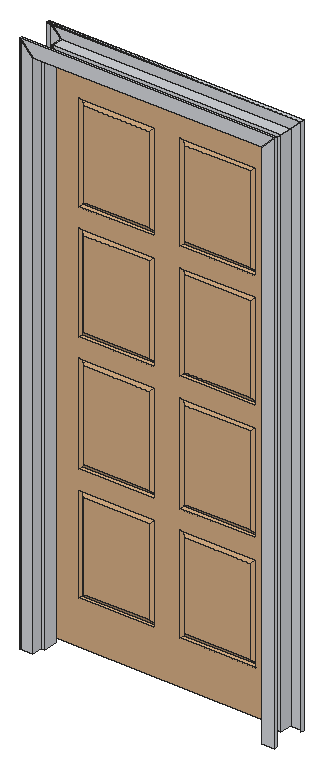
Revit family "Ext-Embossed-Door-WDMF-8-Panel-36 x 84", category Doors, host Wall, Revit 2014
Parameters (values of type "Ext-E-WDMF-8-Panel-36" x 84"")
  Width = Door Panel Width  # 3' - 0"
  Wall Thickness [instance] = 0' - 5 3/4"
  URL = ""
  Type Comments = "EXT,"
  Thickness = 0' - 1 3/4"
  Swing Angle [instance] = 90.00°
  SDI RO Spacing = 0' - 0"
  SDI Panel 1 Width = Leaf Width + 0' 0 3/16"  # 3' - 0"
  SDI No Panels = ""
  SDI HW Set [instance] = ""
  SDI HW Item LO-2 [instance] = ""
  SDI HW Item LO-1 [instance] = ""
  SDI HW Item KP-2 [instance] = ""
  SDI HW Item KP-1 [instance] = ""
  SDI HW Item HI-2 [instance] = ""
  SDI HW Item HI-1 [instance] = ""
  SDI HW Item HC-2 [instance] = ""
  SDI HW Item HC-1 [instance] = ""
  SDI HW Item ED-2 [instance] = ""
  SDI HW Item ED-1 [instance] = ""
  SDI HW Item DO-2 [instance] = ""
  SDI HW Item DO-1 [instance] = ""
  SDI HW Item CL-2 [instance] = ""
  SDI HW Item CL-1 [instance] = ""
  SDI Glass Material = Glass
  SDI Frame Type = "3 Piece"
  SDI Frame Material Type = "Hollow Metal"
  SDI Frame Material = Paint - Generic - Prime
  SDI Frame Manufacturer = ""
  SDI Frame Jamb Width = 0' - 2"
  SDI Frame Head Width = 0' - 2"
  SDI Frame Finish Type = "Painted"
  SDI Frame Finish Color = "Prime"
  SDI Frame Depth [instance] = 0' - 5 3/4"
  SDI Family Version = "1.0"
  SDI Door Top Rail Width = 0' - 7 3/4"
  SDI Door Stile Width = 0' - 6"
  SDI Door Panel Type = "N"
  SDI Door Material Type = "Hollow Metal"
  SDI Door Material = Stain - SRO - Red Oak 100 Clear
  SDI Door Manufacturer = ""
  SDI Door Glass Type = "1/4\" Tempered"
  SDI Door Finish Type = "Painted"
  SDI Door Finish Color = "Prime"
  SDI Door Configuration = "SG"
  SDI Door Bottom Rail Width = 5' - 0"
  SDI Arch Frame Type [instance] = ""
  SDI Arch Frame Material Type [instance] = "HM"
  SDI Arch Door Panel Type [instance] = "N"
  SDI Arch Door Material Type [instance] = "HM"
  Rough Width = Frame Width - 0' 0" + 2 * SDI RO Spacing  # 3' - 4"
  Rough Height = Frame Height - 0' 0" + SDI RO Spacing  # 7' - 2"
  R1 Height = 7' - 0"
  P1 Width = 3' - 2"
  Model = "Ext-E-WDMF-8-Panel-36\" x 84\""
  Manufacturer = ""
  Leaf Width = P1 Width - 0' 2 3/16"  # 2' - 11 13/16"
  Height = Door Panel Height  # 7' - 0"
  Glass Offset [instance] = 0' 2 1/16" + (SDI Frame Depth - 0' 5 3/4") / 2  # 0' - 2 1/16"
  Function = Exterior
  Frame Width = P1 Width + 0' 2"  # 3' - 4"
  Frame Offset [instance] = if(Aligned Exterior, SDI Frame Depth / 2, if(Aligned Center, Wall Thickness / 2, if(Aligned Interior, Wall Thickness - SDI Frame Depth + SDI Frame Depth / 2, Aligned Other)))  # 0' - 2 7/8"
  Frame Height = R1 Height + 0' 2"  # 7' - 2"
  Fire Rating = ""
  Exterior Glazing [instance] = no
  Door Panel Width = P1 Width - 0' 2"  # 3' - 0"
  Door Panel Height = R1 Height + 0' 2" - (0' 2")  # 7' - 0"
  Door Offset [instance] = 0' 2 13/16" + (SDI Frame Depth - 0' 5 3/4") / 2  # 0' - 2 13/16"
  Description = "Wood Door with Hollow Metal Frame 8 Panel"
  Cost = 0
  Assembly Code = "B2030120"
  Analytic Construction = "<None>"
  Aligned Other [instance] = 0' - 0"
  Aligned Interior [instance] = no
  Aligned Exterior [instance] = yes
  Aligned Center [instance] = no
  ADA Clearance Lines = no
Reference planes (in)
  plane 1: y = 0
  plane 2 "Center (Left/Right)": x = 0
  plane 3 "Wall Edge": y = 2.875
  plane 4 "Wall Interior": y = -2.875
  plane 5 "ModelRefLevel": z = 0
  plane 6 "FrameDepthPlane": y = 0
  plane 7 "FrameFront": y = 2.875
  plane 8 "FrameBack": y = -2.875
  plane 9 "V0": x = 19
  plane 10 "V1": x = -19
  plane 11 "H0": z = 1
  plane 12 "H1": z = 85
  plane 13 "DoorLeft": x = 18
  plane 14 "DoorRight": x = -18
  plane 15 "DoorCenter": x = 0
  plane 16 "DoorTop": z = 83.875
  plane 17 "DoorCenterTB": z = 41.9375
  plane 18 "DoorExtFace": y = 2.8125
  plane 19 "DoorGlassFace": y = 2.0625
  plane 20 "LockCenterLine": z = 32.5625
  plane 21 "DoorExtFace1": y = 2.0625
  plane 22 "GlassRight1": x = -11.90625
  plane 23 "ActDoorLeft": x = 17.90625
  plane 24 "SwingClrPlane": y = 62.875
  plane 25 "SwingPartialPlane": y = 50.875
  plane 26: x = -7.90625
  plane 27: x = -11.90625
  plane 28: z = 76.125
  plane 29: z = 51.125
  plane 30: z = 78
  plane 31: z = 39
  plane 32: x = 13.90625
  plane 33: x = -13.90625
  plane 34: x = 2
  plane 35: x = -2
  plane 36: z = 7.5
  plane 37: z = 59.725
  plane 38: z = 41.35
  plane 39: z = 22.725
  plane 40: z = 62.725
  plane 41: z = 44.35
  plane 42: z = 25.725
  plane 43: z = 60.375
  plane 44: z = 42.75
  plane 45: z = 25.125
Forms (in)
  Extrusion 1, solid
    sketch origin (138.6875, 0, 43) x (-1, 0, 0) y (0, -1, 0)
      loop
        line (118.6875, -2.375) -> (118.6875, -2.875) -> (120.6875, -2.875) -> (120.6875, -0.9375) -> (121.3125, -0.9375) -> (121.3125, 1.3125) -> (120.6875, 1.3125) -> (120.6875, 2.875) -> (118.6875, 2.875) -> (118.6875, 2.4375) -> (118.75, 2.4375) -> (118.75, 2.8125) -> (120.625, 2.8125) -> (120.625, 1.25) -> (121.25, 1.25) -> (121.25, -0.875) -> (120.625, -0.875) -> (120.625, -2.8125) -> (118.75, -2.8125) -> (118.75, -2.375) -> (118.6875, -2.375)
    from -43 to 43
  Extrusion 2, void
    sketch origin (0, 2.875, 0) x (1, 0, 0) y (0, 0, 1)
      loop
        line (20, 86) -> (17.375, 86) -> (17.375, 83.375) -> (20, 86)
    from -12 to 12
  Extrusion 3, solid
    sketch origin (101.3125, 0, 43) x (-1, 0, 0) y (0, -1, 0)
      loop
        line (121.25, -2.375) -> (121.25, -2.8125) -> (119.375, -2.8125) -> (119.375, -0.875) -> (118.75, -0.875) -> (118.75, 1.25) -> (119.375, 1.25) -> (119.375, 2.8125) -> (121.25, 2.8125) -> (121.25, 2.4375) -> (121.3125, 2.4375) -> (121.3125, 2.875) -> (119.3125, 2.875) -> (119.3125, 1.3125) -> (118.6875, 1.3125) -> (118.6875, -0.9375) -> (119.3125, -0.9375) -> (119.3125, -2.875) -> (121.3125, -2.875) -> (121.3125, -2.375) -> (121.25, -2.375)
    from -43 to 43
  Extrusion 4, void
    sketch origin (0, 2.875, 0) x (1, 0, 0) y (0, 0, 1)
      loop
        line (-20, 86) -> (-17.375, 83.375) -> (-17.375, 86) -> (-20, 86)
    from -12 to 12
  Extrusion 5, solid
    sketch origin (0, 0, 84.6875) x (0, 1, 0) y (0, 0, 1)
      loop
        line (2.375, 1.25) -> (2.8125, 1.25) -> (2.8125, -0.625) -> (0.875, -0.625) -> (0.875, -1.25) -> (-1.25, -1.25) -> (-1.25, -0.625) -> (-2.8125, -0.625) -> (-2.8125, 1.25) -> (-2.4375, 1.25) -> (-2.4375, 1.3125) -> (-2.875, 1.3125) -> (-2.875, -0.6875) -> (-1.3125, -0.6875) -> (-1.3125, -1.3125) -> (0.9375, -1.3125) -> (0.9375, -0.6875) -> (2.875, -0.6875) -> (2.875, 1.3125) -> (2.375, 1.3125) -> (2.375, 1.25)
    from -20 to 20
  Extrusion 6, void
    sketch origin (0, 2.875, 0) x (1, 0, 0) y (0, 0, 1)
      loop
        line (-20, 86) -> (-20, 83.375) -> (-17.375, 83.375) -> (-20, 86)
    from -12 to 12
  Extrusion 7, void
    sketch origin (0, 2.875, 0) x (1, 0, 0) y (0, 0, 1)
      loop
        line (20, 86) -> (17.375, 83.375) -> (20, 83.375) -> (20, 86)
    from -12 to 12
  Extrusion 8, solid, material "Stain - SRO - Red Oak 100 Clear" <- "SDI Door Material"
    sketch origin (-60, 2.8125, -12) x (1, 0, 0) y (0, 0, 1)
      loop
        line (77.90625, 12.625) -> (77.90625, 95.875) -> (42.09375, 95.875) -> (42.09375, 12.625) -> (77.90625, 12.625)
    from 0 to 1.75
  Sweep 9, void
    path origin (0, 2.875, 0) x (1, 0, 0) y (0, 0, 1)
      loop
        line (13.90625, 59.725) -> (2, 59.725) -> (2, 44.35) -> (13.90625, 44.35) -> (13.90625, 59.725)
    profile origin (13.90625, 2.875, 52.0375) x (0, -1, 0) y (1, 0, 0)
      loop
        line (0, 0) -> (0, -0.92134) -> (0.5, -0.23315) -> (0, 0)
      loop
        line (1.875, 0) -> (1.375, -0.23315) -> (1.875, -0.92134) -> (1.875, 0)
  Sweep 10, void
    path origin (0, 2.875, 0) x (1, 0, 0) y (0, 0, 1)
      loop
        line (13.90625, 22.725) -> (2, 22.725) -> (2, 7.5) -> (13.90625, 7.5) -> (13.90625, 22.725)
    profile origin (13.90625, 2.875, 15.1125) x (0, -1, 0) y (1, 0, 0)
      loop
        line (0, 0) -> (0, -0.92134) -> (0.5, -0.23315) -> (0, 0)
      loop
        line (1.875, 0) -> (1.375, -0.23315) -> (1.875, -0.92134) -> (1.875, 0)
  Sweep 11, void
    path origin (0, 2.875, 0) x (1, 0, 0) y (0, 0, 1)
      loop
        line (-2, 59.725) -> (-13.90625, 59.725) -> (-13.90625, 44.35) -> (-2, 44.35) -> (-2, 59.725)
    profile origin (-2, 2.875, 52.0375) x (0, -1, 0) y (1, 0, 0)
      loop
        line (0.0625, -0.80529) -> (0.5, -0.20312) -> (0.0625, -0.00088) -> (0.0625, -0.80529)
      loop
        line (1.8143, -0.80529) -> (1.8143, -0.00088) -> (1.3768, -0.20312) -> (1.8143, -0.80529)
  Sweep 12, void
    path origin (0, 2.875, 0) x (1, 0, 0) y (0, 0, 1)
      loop
        line (-2, 22.725) -> (-13.90625, 22.725) -> (-13.90625, 7.5) -> (-2, 7.5) -> (-2, 22.725)
    profile origin (-2, 2.875, 15.1125) x (0, -1, 0) y (1, 0, 0)
      loop
        line (0.0625, -0.00088) -> (0.0625, -0.80529) -> (0.5, -0.20312) -> (0.0625, -0.00088)
      loop
        line (1.8143, -0.00088) -> (1.3768, -0.20312) -> (1.8143, -0.80529) -> (1.8143, -0.00088)
  Sweep 13, void
    path origin (0, 2.875, 0) x (1, 0, 0) y (0, 0, 1)
      loop
        line (13.90625, 41.35) -> (2, 41.35) -> (2, 25.725) -> (13.90625, 25.725) -> (13.90625, 41.35)
    profile origin (13.90625, 2.875, 33.5375) x (0, -1, 0) y (1, 0, 0)
      loop
        line (0.0625, -0.02914) -> (0.0625, -0.83532) -> (0.5, -0.23315) -> (0.0625, -0.02914)
      loop
        line (1.8125, -0.02914) -> (1.375, -0.23315) -> (1.8125, -0.83532) -> (1.8125, -0.02914)
  Sweep 14, void
    path origin (0, 2.875, 0) x (1, 0, 0) y (0, 0, 1)
      loop
        line (-2, 41.35) -> (-13.90625, 41.35) -> (-13.90625, 25.725) -> (-2, 25.725) -> (-2, 41.35)
    profile origin (-2, 2.875, 33.5375) x (0, -1, 0) y (1, 0, 0)
      loop
        line (0.5, -0.20313) -> (0.0625, -0.00088) -> (0.0625, -0.80529) -> (0.5, -0.20313)
      loop
        line (1.8125, -0.80529) -> (1.8125, -0.00172) -> (1.37545, -0.20375) -> (1.8125, -0.80529)
  Sweep 15, void
    path origin (0, 2.875, 0) x (1, 0, 0) y (0, 0, 1)
      loop
        line (13.90625, 78) -> (2, 78) -> (2, 62.725) -> (13.90625, 62.725) -> (13.90625, 78)
    profile origin (13.90625, 2.875, 70.3625) x (0, -1, 0) y (1, 0, 0)
      loop
        line (0.5, -0.23315) -> (0.0625, -0.02914) -> (0.0625, -0.83532) -> (0.5, -0.23315)
      loop
        line (1.375, -0.23315) -> (1.8125, -0.83532) -> (1.8125, -0.02914) -> (1.375, -0.23315)
  Sweep 16, void
    path origin (0, 2.875, 0) x (1, 0, 0) y (0, 0, 1)
      loop
        line (-2, 78) -> (-13.90625, 78) -> (-13.90625, 62.725) -> (-2, 62.725) -> (-2, 78)
    profile origin (-2, 2.875, 70.3625) x (0, -1, 0) y (1, 0, 0)
      loop
        line (0.5, -0.20313) -> (0.0625, -0.00088) -> (0.0625, -0.80529) -> (0.5, -0.20313)
      loop
        line (1.37545, -0.20375) -> (1.8125, -0.80529) -> (1.8125, -0.00172) -> (1.37545, -0.20375)
Cuts and joins
  Extrusion 2 cuts Extrusion 1
  Extrusion 4 cuts Extrusion 3
  Extrusion 6, Extrusion 7 cuts Extrusion 5
  Sweep 9, Sweep 10, Sweep 11, Sweep 12, Sweep 13, Sweep 14, Sweep 15, Sweep 16 cuts Extrusion 8
Lines and regions (in)
  Opening 1
    outline origin (-60, -2.875, 0) x (1, 0, 0) y (0, 0, 1)
      loop
        line (80, 0) -> (80, 86) -> (40, 86) -> (40, 0) -> (80, 0)
  symbolic lines, style "DoorsFrameMullionProjection", detail levels fine
    curve 1: line (20, 2.375, 0) -> (20, 2.875, 0)
    curve 2: line (20, 2.875, 0) -> (18, 2.875, 0)
    curve 3: line (18, 2.875, 0) -> (18, 0.9375, 0)
    curve 4: line (18, 0.9375, 0) -> (17.375, 0.9375, 0)
    curve 5: line (17.375, 0.9375, 0) -> (17.375, -1.3125, 0)
    curve 6: line (17.375, -1.3125, 0) -> (18, -1.3125, 0)
    curve 7: line (18, -1.3125, 0) -> (18, -2.875, 0)
    curve 8: line (18, -2.875, 0) -> (20, -2.875, 0)
    curve 9: line (20, -2.875, 0) -> (20, -2.4375, 0)
    curve 10: line (20, -2.4375, 0) -> (19.9375, -2.4375, 0)
    curve 11: line (19.9375, -2.4375, 0) -> (19.9375, -2.8125, 0)
    curve 12: line (19.9375, -2.8125, 0) -> (18.0625, -2.8125, 0)
    curve 13: line (18.0625, -2.8125, 0) -> (18.0625, -1.25, 0)
    curve 14: line (18.0625, -1.25, 0) -> (17.4375, -1.25, 0)
    curve 15: line (17.4375, -1.25, 0) -> (17.4375, 0.875, 0)
    curve 16: line (17.4375, 0.875, 0) -> (18.0625, 0.875, 0)
    curve 17: line (18.0625, 0.875, 0) -> (18.0625, 2.8125, 0)
    curve 18: line (18.0625, 2.8125, 0) -> (19.9375, 2.8125, 0)
    curve 19: line (19.9375, 2.8125, 0) -> (19.9375, 2.375, 0)
    curve 20: line (19.9375, 2.375, 0) -> (20, 2.375, 0)
    curve 25: line (-19.9375, 2.375, 0) -> (-19.9375, 2.8125, 0)
    curve 26: line (-19.9375, 2.8125, 0) -> (-18.0625, 2.8125, 0)
    curve 27: line (-18.0625, 2.8125, 0) -> (-18.0625, 0.875, 0)
    curve 28: line (-18.0625, 0.875, 0) -> (-17.4375, 0.875, 0)
    curve 29: line (-17.4375, 0.875, 0) -> (-17.4375, -1.25, 0)
    curve 30: line (-17.4375, -1.25, 0) -> (-18.0625, -1.25, 0)
    curve 31: line (-18.0625, -1.25, 0) -> (-18.0625, -2.8125, 0)
    curve 32: line (-18.0625, -2.8125, 0) -> (-19.9375, -2.8125, 0)
    curve 33: line (-19.9375, -2.8125, 0) -> (-19.9375, -2.4375, 0)
    curve 34: line (-19.9375, -2.4375, 0) -> (-20, -2.4375, 0)
    curve 35: line (-20, -2.4375, 0) -> (-20, -2.875, 0)
    curve 36: line (-20, -2.875, 0) -> (-18, -2.875, 0)
    curve 37: line (-18, -2.875, 0) -> (-18, -1.3125, 0)
    curve 38: line (-18, -1.3125, 0) -> (-17.375, -1.3125, 0)
    curve 39: line (-17.375, -1.3125, 0) -> (-17.375, 0.9375, 0)
    curve 40: line (-17.375, 0.9375, 0) -> (-18, 0.9375, 0)
    curve 41: line (-18, 0.9375, 0) -> (-18, 2.875, 0)
    curve 42: line (-18, 2.875, 0) -> (-20, 2.875, 0)
    curve 43: line (-20, 2.875, 0) -> (-20, 2.375, 0)
    curve 44: line (-20, 2.375, 0) -> (-19.9375, 2.375, 0)
  symbolic lines, style "DoorsFrameMullionProjection", detail levels coarse+medium
    curve 21: line (18, -2.875, 0) -> (20, -2.875, 0)
    curve 22: line (18, 2.875, 0) -> (20, 2.875, 0)
    curve 23: line (18, -2.875, 0) -> (18, 2.875, 0)
    curve 24: line (20, -2.875, 0) -> (20, 2.875, 0)
    curve 45: line (-20, -2.875, 0) -> (-18, -2.875, 0)
    curve 46: line (-20, 2.875, 0) -> (-18, 2.875, 0)
    curve 47: line (-20, -2.875, 0) -> (-20, 2.875, 0)
    curve 48: line (-18, -2.875, 0) -> (-18, 2.875, 0)
  symbolic lines, style "Elevation Swing"
    curve 49: line (-17.90625, 2.875, 83.875) -> (17.90625, 2.875, 41.9375)
    curve 50: line (-17.90625, 2.875, 0) -> (17.90625, 2.875, 41.9375)
  symbolic lines, style "ADA Clearance", visible <- "ADA Clearance Lines"
    curve 51: line (20, 2.875, 0) -> (20, 62.875, 0)
    curve 52: line (-36, 62.875, 0) -> (20, 62.875, 0)
    curve 53: line (-36, 50.875, 0) -> (20, 50.875, 0)
    curve 54: line (-36, 2.875, 0) -> (-36, 62.875, 0)
    curve 55: line (20, -2.875, 0) -> (20, -50.875, 0)
    curve 56: line (-30, -50.875, 0) -> (20, -50.875, 0)
    curve 57: line (-30, -2.875, 0) -> (-30, -50.875, 0)
Text (in)
  text "Placement Side" at (0, 40.15149, 123.01588), in view "Right"
  text "Placement Side" at (-70.3804, 28.46503, 0), in view "Ref. Level"
  text "Placement Side" at (0, 81.62555, 140.59947), in view "Left"
Dimensions and locks (in)
  locked: plane 3 "Wall Edge" to host wall
  equal spacing: host wall, plane 2 "Center (Left/Right)", host wall
  "Rough Width": host wall to host wall
  "Rough Height": level to host wall
  equal spacing: plane 3 "Wall Edge", plane 1, plane 4 "Wall Interior"
  "Wall Thickness": host wall to host wall
  "Frame Offset": plane 3 "Wall Edge" to plane 6 "FrameDepthPlane"
  equal spacing: plane 7 "FrameFront", plane 6 "FrameDepthPlane", plane 8 "FrameBack"
  "SDI Frame Depth": plane 7 "FrameFront" to plane 8 "FrameBack"
  equal spacing: plane 9 "V0", plane 2 "Center (Left/Right)", plane 10 "V1"
  "P1 Width": plane 9 "V0" to plane 10 "V1"
  "R1 Height": plane 11 "H0" to plane 12 "H1"
  locked: plane 12 "H1" to Extrusion 1 at 1
  locked: plane 11 "H0" to Extrusion 1 at 1
  locked: plane 9 "V0" to Extrusion 1 at 1  (x4)
  locked: plane 9 "V0" to Extrusion 1 at 0.9375  (x5)
  locked: plane 9 "V0" to Extrusion 1 at 1.5625
  locked: plane 9 "V0" to Extrusion 1 at 1.625
  locked: plane 12 "H1" to Extrusion 3 at 1
  locked: plane 11 "H0" to Extrusion 3 at 1
  locked: plane 10 "V1" to Extrusion 3 at 0.9375  (x4)
  locked: plane 10 "V1" to Extrusion 3 at 1  (x5)
  locked: plane 10 "V1" to Extrusion 3 at 1.625
  locked: plane 10 "V1" to Extrusion 3 at 1.5625
  locked: plane 9 "V0" to Extrusion 5 at 1
  locked: plane 10 "V1" to Extrusion 5 at 1
  locked: plane 12 "H1" to Extrusion 5 at 0.9375  (x5)
  locked: plane 12 "H1" to Extrusion 5 at 1.5625
  locked: plane 12 "H1" to Extrusion 5 at 1  (x4)
  locked: plane 12 "H1" to Extrusion 5 at 1.625
  locked: plane 7 "FrameFront" to cut or joined group of Extrusion 1, Extrusion 2 at 1.9375
  locked: plane 7 "FrameFront" to cut or joined group of Extrusion 1, Extrusion 2 at 2
  locked: plane 7 "FrameFront" to cut or joined group of Extrusion 1, Extrusion 2 at 0.0625
  locked: plane 7 "FrameFront" to cut or joined group of Extrusion 1, Extrusion 2 at 0.5
  locked: plane 8 "FrameBack" to cut or joined group of Extrusion 1, Extrusion 2 at 1.5625
  locked: plane 8 "FrameBack" to cut or joined group of Extrusion 1, Extrusion 2 at 0.4375
  locked: plane 8 "FrameBack" to cut or joined group of Extrusion 1, Extrusion 2 at 0.0625
  locked: plane 8 "FrameBack" to cut or joined group of Extrusion 1, Extrusion 2 at 1.625
  locked: plane 7 "FrameFront" to cut or joined group of Extrusion 3, Extrusion 4 at 0.0625
  locked: plane 7 "FrameFront" to cut or joined group of Extrusion 3, Extrusion 4 at 2
  locked: plane 7 "FrameFront" to cut or joined group of Extrusion 3, Extrusion 4 at 1.9375
  locked: plane 7 "FrameFront" to cut or joined group of Extrusion 3, Extrusion 4 at 0.5
  locked: plane 8 "FrameBack" to cut or joined group of Extrusion 3, Extrusion 4 at 1.625
  locked: plane 8 "FrameBack" to cut or joined group of Extrusion 3, Extrusion 4 at 0.0625
  locked: plane 8 "FrameBack" to cut or joined group of Extrusion 3, Extrusion 4 at 0.4375
  locked: plane 8 "FrameBack" to cut or joined group of Extrusion 3, Extrusion 4 at 1.5625
  locked: plane 7 "FrameFront" to cut or joined group of Extrusion 5, Extrusion 6, Extrusion 7 at 0.0625
  locked: plane 7 "FrameFront" to cut or joined group of Extrusion 5, Extrusion 6, Extrusion 7 at 2
  locked: plane 7 "FrameFront" to cut or joined group of Extrusion 5, Extrusion 6, Extrusion 7 at 1.9375
  locked: plane 7 "FrameFront" to cut or joined group of Extrusion 5, Extrusion 6, Extrusion 7 at 0.5
  locked: plane 8 "FrameBack" to cut or joined group of Extrusion 5, Extrusion 6, Extrusion 7 at 1.625
  locked: plane 8 "FrameBack" to cut or joined group of Extrusion 5, Extrusion 6, Extrusion 7 at 0.0625
  locked: plane 8 "FrameBack" to cut or joined group of Extrusion 5, Extrusion 6, Extrusion 7 at 0.4375
  locked: plane 8 "FrameBack" to cut or joined group of Extrusion 5, Extrusion 6, Extrusion 7 at 1.5625
  locked: plane 7 "FrameFront" to curve 4 at 1.9375
  locked: plane 7 "FrameFront" to curve 16 at 2
  locked: plane 7 "FrameFront" to curve 18 at 0.0625
  locked: plane 7 "FrameFront" to curve 20 at 0.5
  locked: plane 7 "FrameFront" to curve 26 at 0.0625
  locked: plane 7 "FrameFront" to curve 28 at 2
  locked: plane 7 "FrameFront" to curve 40 at 1.9375
  locked: plane 7 "FrameFront" to curve 44 at 0.5
  locked: plane 8 "FrameBack" to curve 6 at 1.5625
  locked: plane 8 "FrameBack" to curve 10 at 0.4375
  locked: plane 8 "FrameBack" to curve 12 at 0.0625
  locked: plane 8 "FrameBack" to curve 14 at 1.625
  locked: plane 8 "FrameBack" to curve 30 at 1.625
  locked: plane 8 "FrameBack" to curve 32 at 0.0625
  locked: plane 8 "FrameBack" to curve 34 at 0.4375
  locked: plane 8 "FrameBack" to curve 38 at 1.5625
  locked: plane 9 "V0" to plane 13 "DoorLeft" at 1
  locked: plane 10 "V1" to plane 14 "DoorRight" at 1
  locked: plane 12 "H1" to plane 16 "DoorTop" at 1.125
  equal spacing: plane 16 "DoorTop", plane 17 "DoorCenterTB", plane 5 "ModelRefLevel"
  "Door Offset": plane 6 "FrameDepthPlane" to plane 18 "DoorExtFace"
  "Glass Offset": plane 6 "FrameDepthPlane" to plane 19 "DoorGlassFace"
  plane 20 "LockCenterLine" to plane 5 "ModelRefLevel" = 2' - 8 9/16"
  locked: Extrusion 8 to Extrusion 8 at 1.75
  locked: plane 6 "FrameDepthPlane" to plane 21 "DoorExtFace1" at 2.0625
  locked: plane 14 "DoorRight" to plane 22 "GlassRight1" at 6.09375
  locked: plane 13 "DoorLeft" to Extrusion 8 at 0.09375
  locked: plane 14 "DoorRight" to Extrusion 8 at 0.09375
  locked: plane 5 "ModelRefLevel" to Extrusion 8 at 0.625
  locked: plane 13 "DoorLeft" to plane 23 "ActDoorLeft" at 0.09375
  locked: plane 3 "Wall Edge" to plane 24 "SwingClrPlane" at 60
  locked: plane 3 "Wall Edge" to plane 25 "SwingPartialPlane" at 48
  locked: plane 27 to plane 14 "DoorRight" at 6.09375
  plane 26 to plane 27 = 0' - 4"
  locked: plane 29 to plane 28 at 25
  locked: plane 28 to plane 12 "H1" at 8.875
  locked: plane 30 to plane 12 "H1" at 7
  locked: plane 23 "ActDoorLeft" to plane 32 at 4
  locked: plane 33 to plane 14 "DoorRight" at 4.09375
  locked: plane 15 "DoorCenter" to plane 34 at 2
  locked: plane 15 "DoorCenter" to plane 35 at 2
  locked: plane 11 "H0" to plane 36 at 6.5
  locked: plane 37 to plane 40 at 3
  locked: plane 38 to plane 41 at 3
  locked: plane 39 to plane 42 at 3
  equal spacing: plane 36, plane 45, plane 44, plane 43, plane 30
  locked: plane 37 to plane 43 at 0.65
  locked: plane 38 to plane 44 at 1.4
  locked: plane 39 to plane 45 at 2.4
  aligned and locked: plane 4 "Wall Interior" to host wall
  aligned and locked: cut or joined group of Extrusion 1, Extrusion 2 to plane 7 "FrameFront"
  aligned and locked: plane 8 "FrameBack" to cut or joined group of Extrusion 1, Extrusion 2
  aligned and locked: cut or joined group of Extrusion 3, Extrusion 4 to plane 7 "FrameFront"
  aligned and locked: plane 8 "FrameBack" to cut or joined group of Extrusion 3, Extrusion 4
  aligned and locked: cut or joined group of Extrusion 5, Extrusion 6, Extrusion 7 to plane 7 "FrameFront"
  aligned and locked: plane 8 "FrameBack" to cut or joined group of Extrusion 5, Extrusion 6, Extrusion 7
  aligned and locked: curve 2 to plane 7 "FrameFront"
  aligned and locked: plane 7 "FrameFront" to curve 22
  aligned and locked: curve 42 to plane 7 "FrameFront"
  aligned and locked: plane 7 "FrameFront" to curve 46
  aligned and locked: plane 8 "FrameBack" to curve 8
  aligned and locked: plane 8 "FrameBack" to curve 36
  aligned and locked: Extrusion 8 to plane 18 "DoorExtFace"
  aligned and locked: Extrusion 8 to plane 16 "DoorTop"
  aligned and locked: plane 7 "FrameFront" to nested 1
  aligned and locked: plane 23 "ActDoorLeft" to nested 1
  aligned and locked: plane 24 "SwingClrPlane" to curve 52
  aligned and locked: plane 25 "SwingPartialPlane" to curve 53
  aligned and locked: Sweep 9 sketch curve to plane 32
  aligned and locked: Sweep 10 sketch curve to plane 32
  aligned and locked: Sweep 9 sketch curve to plane 34
  aligned and locked: Sweep 10 sketch curve to plane 34
  aligned and locked: plane 35 to Sweep 11 sketch curve
  aligned and locked: plane 33 to Sweep 11 sketch curve
  aligned and locked: plane 35 to Sweep 12 sketch curve
  aligned and locked: plane 33 to Sweep 12 sketch curve
  aligned and locked: plane 32 to Sweep 13 sketch curve
  aligned and locked: plane 34 to Sweep 13 sketch curve
  aligned and locked: plane 35 to Sweep 14 sketch curve
  aligned and locked: plane 33 to Sweep 14 sketch curve
  aligned and locked: Sweep 10 sketch curve to plane 39
  aligned and locked: Sweep 12 sketch curve to plane 39
  aligned and locked: Sweep 13 sketch curve to plane 42
  aligned and locked: Sweep 13 sketch curve to plane 38
  aligned and locked: Sweep 14 sketch curve to plane 42
  aligned and locked: Sweep 14 sketch curve to plane 38
  aligned and locked: Sweep 9 sketch curve to plane 41
  aligned and locked: Sweep 9 sketch curve to plane 37
  aligned and locked: Sweep 11 sketch curve to plane 41
  aligned and locked: Sweep 11 sketch curve to plane 37
  aligned and locked: plane 32 to Sweep 15 sketch curve
  aligned and locked: plane 34 to Sweep 15 sketch curve
  aligned and locked: plane 30 to Sweep 15 sketch curve
  aligned and locked: plane 40 to Sweep 15 sketch curve
  aligned and locked: plane 35 to Sweep 16 sketch curve
  aligned and locked: plane 33 to Sweep 16 sketch curve
  aligned and locked: plane 30 to Sweep 16 sketch curve
  aligned and locked: plane 40 to Sweep 16 sketch curve
  aligned and locked: Sweep 10 sketch curve to plane 36
  aligned and locked: Sweep 12 sketch curve to plane 36
Automatic sketch dimensions
  Opening 1 sketch curve to level = 0' - 0"
  Opening 1 sketch curve to plane 2 "Center (Left/Right)" = 1' - 8"
  plane 2 "Center (Left/Right)" to Opening 1 sketch curve = 1' - 8"
  level to Opening 1 sketch curve = 7' - 2"
  Extrusion 2 sketch curve to plane 9 "V0" = 0' - 1 5/8"
  plane 9 "V0" to Extrusion 2 sketch curve = 0' - 1"
  plane 12 "H1" to Extrusion 2 sketch curve = 0' - 1 5/8"
  Extrusion 2 sketch curve to plane 12 "H1" = 0' - 1"
  Extrusion 1 sketch curve to host wall = 0' - 0"
  host wall to Extrusion 1 sketch curve = 0' - 0"
  Extrusion 1 sketch curve to host wall = 0' - 0 1/2"
  plane 2 "Center (Left/Right)" to Extrusion 1 sketch curve = 1' - 8"  (x2)
  Extrusion 1 sketch curve to host wall = 0' - 0 7/16"
  Extrusion 1 sketch curve to Extrusion 1 sketch curve = 0' - 0 1/16"  (x7)
  plane 2 "Center (Left/Right)" to Extrusion 1 sketch curve = 1' - 6 1/16"  (x2)
  Extrusion 1 sketch curve to host wall = 0' - 0 1/16"  (x2)
  Extrusion 1 sketch curve to Extrusion 1 sketch curve = 0' - 0 9/16"
  Extrusion 1 sketch curve to host wall = 0' - 0 15/16"
  host wall to Extrusion 1 sketch curve = 0' - 1 1/4"
  plane 9 "V0" to curve 1 = 0' - 1"
  curve 6 to curve 5 = 0' - 0 5/8"
  curve 7 to plane 9 "V0" = 0' - 1"
  curve 9 to curve 10 = 0' - 0 1/16"
  curve 12 to curve 7 = 0' - 0 1/16"
  curve 14 to curve 5 = 0' - 0 1/16"
  curve 16 to curve 3 = 0' - 0 1/16"
  curve 1 to curve 18 = 0' - 0 1/16"
  Extrusion 4 sketch curve to plane 10 "V1" = 0' - 1"
  plane 10 "V1" to Extrusion 4 sketch curve = 0' - 1 5/8"
  plane 12 "H1" to Extrusion 4 sketch curve = 0' - 1 5/8"
  Extrusion 4 sketch curve to plane 12 "H1" = 0' - 1"
  host wall to Extrusion 3 sketch curve = 0' - 0"
  Extrusion 3 sketch curve to host wall = 0' - 0"
  Extrusion 3 sketch curve to plane 2 "Center (Left/Right)" = 1' - 5 3/8"
  Extrusion 3 sketch curve to Extrusion 3 sketch curve = 0' - 0 1/16"  (x7)
  Extrusion 3 sketch curve to Extrusion 3 sketch curve = 0' - 0 9/16"  (x2)
  Extrusion 3 sketch curve to host wall = 0' - 0 7/16"
  Extrusion 3 sketch curve to plane 2 "Center (Left/Right)" = 1' - 7 15/16"  (x2)
  Extrusion 3 sketch curve to host wall = 0' - 0 1/2"
  Extrusion 3 sketch curve to host wall = 0' - 0 1/16"  (x2)
  Extrusion 3 sketch curve to host wall = 0' - 0 15/16"
  host wall to Extrusion 3 sketch curve = 0' - 1 1/4"
  plane 10 "V1" to curve 26 = 0' - 0 15/16"
  curve 29 to curve 30 = 0' - 0 5/8"
  curve 32 to plane 10 "V1" = 0' - 0 15/16"
  curve 33 to curve 34 = 0' - 0 1/16"
  curve 36 to curve 31 = 0' - 0 1/16"
  curve 38 to curve 29 = 0' - 0 1/16"
  curve 40 to curve 27 = 0' - 0 1/16"
  curve 25 to curve 42 = 0' - 0 1/16"
  Extrusion 6 sketch curve to plane 10 "V1" = 0' - 1"
  plane 10 "V1" to Extrusion 6 sketch curve = 0' - 1 5/8"
  plane 12 "H1" to Extrusion 6 sketch curve = 0' - 1 5/8"
  Extrusion 6 sketch curve to plane 12 "H1" = 0' - 1"
  Extrusion 7 sketch curve to plane 9 "V0" = 0' - 1 5/8"
  plane 9 "V0" to Extrusion 7 sketch curve = 0' - 1"
  plane 12 "H1" to Extrusion 7 sketch curve = 0' - 1 5/8"
  Extrusion 7 sketch curve to plane 12 "H1" = 0' - 1"
  Extrusion 5 sketch curve to host wall = 0' - 0"  (x2)
  Extrusion 5 sketch curve to host wall = 0' - 0 1/16"  (x2)
  Extrusion 5 sketch curve to Extrusion 5 sketch curve = 0' - 0 3/8"
  host wall to Extrusion 5 sketch curve = 0' - 1 5/16"
  Extrusion 5 sketch curve to Extrusion 5 sketch curve = 0' - 0 1/16"  (x7)
  Extrusion 5 sketch curve to host wall = 0' - 0 7/8"
  Extrusion 5 sketch curve to host wall = 0' - 0 1/2"
  level to Extrusion 5 sketch curve = 6' - 11 3/8"
  Extrusion 5 sketch curve to Extrusion 5 sketch curve = 0' - 0 9/16"  (x2)
  Extrusion 5 sketch curve to plane 11 "H0" = 7' - 0 15/16"  (x2)
  Extrusion 8 sketch curve to plane 16 "DoorTop" = 0' - 0"
  plane 14 "DoorRight" to Extrusion 8 sketch curve = 0' - 0 3/32"
  Extrusion 8 sketch curve to plane 13 "DoorLeft" = 0' - 0 3/32"
  plane 11 "H0" to Extrusion 8 sketch curve = 0' - 0 3/8"
  curve 49 to plane 16 "DoorTop" = 0' - 0"
  curve 49 to plane 17 "DoorCenterTB" = 0' - 0"
  plane 14 "DoorRight" to curve 49 = 0' - 0 3/32"
  curve 50 to level = 0' - 0"
  curve 50 to plane 23 "ActDoorLeft" = 0' - 0"
  plane 14 "DoorRight" to curve 50 = 0' - 0 3/32"
  curve 51 to host wall = 0' - 0"
  plane 9 "V0" to curve 51 = 0' - 1"
  curve 54 to host wall = 0' - 0"
  host wall to curve 55 = 0' - 0"
  plane 9 "V0" to curve 55 = 0' - 1"
  host wall to curve 55 = 4' - 0"
  curve 56 to plane 10 "V1" = 0' - 11"
  host wall to curve 57 = 0' - 0"
  curve 57 to curve 54 = 0' - 6"
  profile plane to Sweep 9 sketch curve = 0' - 0"
  profile plane to Sweep 9 sketch curve = 0' - 0.23315"  (x2)
  profile plane to Sweep 9 sketch curve = 0' - 0 1/2"
  Sweep 9 sketch curve to Sweep 9 sketch curve = 0' - 0 7/8"
  Sweep 9 sketch curve to Sweep 9 sketch curve = 0' - 0 1/2"
  profile plane to Sweep 9 sketch curve = 0' - 0.92134"  (x2)
  Sweep 9 sketch curve to profile plane = 0' - 0"  (x2)
  profile plane to Sweep 10 sketch curve = 0' - 0"
  profile plane to Sweep 10 sketch curve = 0' - 0.23315"  (x2)
  profile plane to Sweep 10 sketch curve = 0' - 0 1/2"
  Sweep 10 sketch curve to Sweep 10 sketch curve = 0' - 0 7/8"
  Sweep 10 sketch curve to Sweep 10 sketch curve = 0' - 0 1/2"
  profile plane to Sweep 10 sketch curve = 0' - 0.92134"  (x2)
  Sweep 10 sketch curve to profile plane = 0' - 0"  (x2)
  plane 7 "FrameFront" to Sweep 11 sketch curve = 0' - 0 1/16"
  profile plane to Sweep 11 sketch curve = 0' - 0 13/64"  (x2)
  Sweep 11 sketch curve to Sweep 11 sketch curve = 0' - 0 7/16"  (x2)
  Sweep 11 sketch curve to Sweep 11 sketch curve = 0' - 0.8768"
  profile plane to Sweep 11 sketch curve = 0' - 0.80529"
  Sweep 11 sketch curve to Sweep 11 sketch curve = 0' - 0.60217"
  profile plane to Sweep 11 sketch curve = 0' - 0.00088"  (x2)
  profile plane to Sweep 12 sketch curve = 0' - 0.00088"  (x2)
  plane 7 "FrameFront" to Sweep 12 sketch curve = 0' - 0 1/16"
  profile plane to Sweep 12 sketch curve = 0' - 0 13/64"  (x2)
  Sweep 12 sketch curve to Sweep 12 sketch curve = 0' - 0 7/16"  (x2)
  Sweep 12 sketch curve to Sweep 12 sketch curve = 0' - 0.8768"
  Sweep 12 sketch curve to Sweep 12 sketch curve = 0' - 0.60217"
  profile plane to Sweep 12 sketch curve = 0' - 0.80529"
  profile plane to Sweep 13 sketch curve = 0' - 0.02914"  (x2)
  plane 7 "FrameFront" to Sweep 13 sketch curve = 0' - 0 1/16"
  profile plane to Sweep 13 sketch curve = 0' - 0.23315"  (x2)
  Sweep 13 sketch curve to Sweep 13 sketch curve = 0' - 0 7/16"  (x2)
  Sweep 13 sketch curve to Sweep 13 sketch curve = 0' - 0 7/8"
  Sweep 13 sketch curve to Sweep 13 sketch curve = 0' - 0.60217"
  profile plane to Sweep 13 sketch curve = 0' - 0.83532"
  profile plane to Sweep 14 sketch curve = 0' - 0.00088"
  plane 7 "FrameFront" to Sweep 14 sketch curve = 0' - 0 1/16"
  profile plane to Sweep 14 sketch curve = 0' - 0 13/64"
  Sweep 14 sketch curve to Sweep 14 sketch curve = 0' - 0 7/16"
  profile plane to Sweep 14 sketch curve = 0' - 0.20375"
  Sweep 14 sketch curve to Sweep 14 sketch curve = 0' - 0.87545"
  Sweep 14 sketch curve to Sweep 14 sketch curve = 0' - 0.60217"
  Sweep 14 sketch curve to Sweep 14 sketch curve = 0' - 0.43705"
  profile plane to Sweep 14 sketch curve = 0' - 0.80529"
  profile plane to Sweep 14 sketch curve = 0' - 0.00172"
  profile plane to Sweep 15 sketch curve = 0' - 0.02914"  (x2)
  plane 7 "FrameFront" to Sweep 15 sketch curve = 0' - 0 1/16"
  profile plane to Sweep 15 sketch curve = 0' - 0.23315"  (x2)
  Sweep 15 sketch curve to Sweep 15 sketch curve = 0' - 0 7/16"  (x2)
  Sweep 15 sketch curve to Sweep 15 sketch curve = 0' - 1 5/16"
  Sweep 15 sketch curve to Sweep 15 sketch curve = 0' - 0.60217"
  profile plane to Sweep 15 sketch curve = 0' - 0.83532"
  profile plane to Sweep 16 sketch curve = 0' - 0.00088"
  plane 7 "FrameFront" to Sweep 16 sketch curve = 0' - 0 1/16"
  profile plane to Sweep 16 sketch curve = 0' - 0 13/64"
  Sweep 16 sketch curve to Sweep 16 sketch curve = 0' - 0 7/16"
  profile plane to Sweep 16 sketch curve = 0' - 0.00172"
  Sweep 16 sketch curve to Sweep 16 sketch curve = 0' - 1 5/16"
  Sweep 16 sketch curve to Sweep 16 sketch curve = 0' - 0.60217"
  Sweep 16 sketch curve to Sweep 16 sketch curve = 0' - 0.43705"
  profile plane to Sweep 16 sketch curve = 0' - 0.20375"
  profile plane to Sweep 16 sketch curve = 0' - 0.80529"
Nested families (in)
  nested 1: "SingleDoorPlanLines" at (17.90625, 2.875, 0.625), type "SingleDoorPlanLines"
Definition of nested family "SingleDoorPlanLines"
  Parameters (values of type "SingleDoorPlanLines")
    Width = 3' - 0"
    URL = ""
    Thickness = 0' - 1 3/4"
    Analytic Construction = "<None>"
    Swing Angle = 90.00°
  Reference planes (in)
    plane 1 "Front": y = 0
    plane 2: z = 0
    plane 3 "Right": x = 0
    plane 4 "Left": x = -36
  Lines and regions (in)
    symbolic lines, style "DoorsPanelProjection"
      curve 1: line (0, 0, 0) -> (0, 36, 0)
      curve 2: line (0, 36, 0) -> (-1.75, 36, 0)
      curve 3: line (-1.75, 36, 0) -> (-1.75, 0, 0)
      curve 4: line (-1.75, 0, 0) -> (0, 0, 0)
    model lines, style "InvisibleLines", not visible
      curve 5: line (0, 0, 0) -> (-38.99851, -0.34033, 0)
    symbolic lines, style "Plan Swing"
      curve 6: arc (-35.99863, -0.31416, 0) -> (-25.56667, 25.34453, 0) -> (0, 36, 0) r 36
  Dimensions and locks (in)
    "Thickness": curve 3 to curve 1
    "Width": curve 2 to curve 4
    "Width": plane 4 "Left" to plane 3 "Right"
    "Swing Angle": angle curve 1 to plane 1 "Front"
    locked: plane 1 "Front" to curve 5 (angle 0.50°)
  Automatic sketch dimensions
    curve 6 to plane 1 "Front" = 0' - 0"
    curve 6 to plane 3 "Right" = 0' - 0"
    curve 4 to plane 1 "Front" = 0' - 0"
    curve 4 to plane 3 "Right" = 0' - 0"
